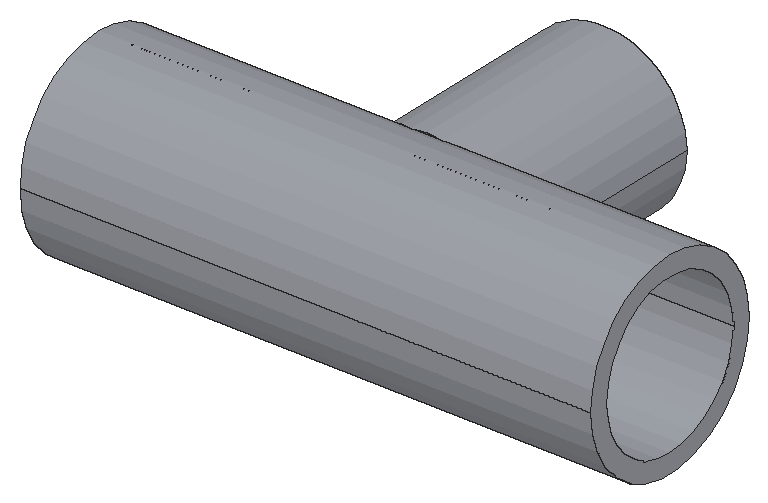
Revit family "BMP_PVC_ReducingTee", category Pipe Fittings, Revit 2024
Family settings
  Round Connector Dimension = Use Diameter
  Part Type = Tee
  Work Plane-Based = Yes
  Always vertical = No
  Cut with Voids When Loaded = No
  Shared = No
Parameters (values of type "27x21 mm")
  Default Elevation = 1219.2 mm
  BMP_Zero_mm = 0 mm  # constant formula
  BMP_Z_mm = 13 mm
  BMP_Z2_mm = 16 mm
  BMP_Void_Start_mm = -BMP_H_mm  # -48 mm
  BMP_Void_End_mm = BMP_H_mm  # 48 mm
  BMP_Void_Branch_Start_mm = 0 mm  # constant formula
  BMP_Void_Branch_End_mm = BMP_H2_mm  # 46 mm
  BMP_Parametric_Revision = "2.0"
  BMP_PN_bar = 15
  BMP_Manufacturer = "Binh Minh Plastics - independent catalogue-based BIM"
  BMP_Main_Start_mm = -BMP_H_mm  # -48 mm
  BMP_Main_End_mm = BMP_H_mm  # 48 mm
  BMP_L_mm = 96 mm
  BMP_H_mm = 48 mm
  BMP_H2_mm = 46 mm
  BMP_Geometry_Note = "Native parametric simplified fitting; editable type dimensions in millimeters."
  BMP_D_mm = 33 mm
  BMP_DN_mm = 27 mm
  BMP_DN2_mm = 21 mm
  BMP_D2_mm = 28 mm
  BMP_Catalogue_PDF_Page = "23"
  BMP_Branch_Ring_Start_mm = BMP_H2_mm - 3 mm  # 43 mm
  BMP_Branch_Ring_End_mm = BMP_H2_mm - 1 mm  # 45 mm
  BMP_Branch_End_mm = BMP_H2_mm  # 46 mm
  BMP_Bore_mm = 26.7 mm
  BMP_Bore2_mm = 21.3 mm
Types (14, lengths in mm): name | BMP_Z_mm | BMP_Z2_mm | BMP_Void_Start_mm | BMP_Void_End_mm | BMP_Void_Branch_End_mm | BMP_PN_bar | BMP_Main_Start_mm | BMP_Main_End_mm | BMP_L_mm | BMP_H_mm | BMP_H2_mm | BMP_D_mm | BMP_DN_mm | BMP_DN2_mm | BMP_D2_mm | BMP_Branch_Ring_Start_mm | BMP_Branch_Ring_End_mm | BMP_Branch_End_mm | BMP_Bore_mm | BMP_Bore2_mm
  27x21 mm | 13 | 16 | -48 | 48 | 46 | 15 | -48 | 48 | 96 | 48 | 46 | 33 | 27 | 21 | 28 | 43 | 45 | 46 | 26.7 | 21.3
  34x21 mm | 13 | 19 | -53 | 53 | 50 | 15 | -53 | 53 | 106 | 53 | 50 | 41 | 34 | 21 | 28 | 47 | 49 | 50 | 33.5 | 21.3
  34x27 mm | 16 | 19 | -54 | 54 | 54 | 15 | -54 | 54 | 108 | 54 | 54 | 41 | 34 | 27 | 33 | 51 | 53 | 54 | 33.5 | 26.7
  42x27 mm | 17 | 22 | -58 | 58 | 60 | 15 | -58 | 58 | 116 | 58 | 60 | 50 | 42 | 27 | 33 | 57 | 59 | 60 | 42.2 | 26.7
  42x34 mm | 20 | 24 | -61 | 61 | 64 | 15 | -61 | 61 | 122 | 61 | 64 | 50 | 42 | 34 | 41 | 61 | 63 | 64 | 42.2 | 33.5
  49x34 mm | 20 | 24 | -72 | 72 | 68 | 15 | -72 | 72 | 144 | 72 | 68 | 57 | 49 | 34 | 41 | 65 | 67 | 68 | 48.2 | 33.5
  49x42 mm | 24 | 24 | -76 | 76 | 72 | 12 | -76 | 76 | 152 | 76 | 72 | 57 | 49 | 42 | 50 | 69 | 71 | 72 | 48.2 | 42.2
  60x34 mm | 20 | 32 | -80 | 80 | 73 | 12 | -80 | 80 | 160 | 80 | 73 | 69 | 60 | 34 | 41 | 70 | 72 | 73 | 60.2 | 33.5
  60x42 mm | 24 | 33 | -84 | 84 | 78 | 12 | -84 | 84 | 168 | 84 | 78 | 69 | 60 | 42 | 50 | 75 | 77 | 78 | 60.2 | 42.2
  60x49 mm | 27 | 32 | -87 | 87 | 88 | 12 | -87 | 87 | 174 | 87 | 88 | 69 | 60 | 49 | 57 | 85 | 87 | 88 | 60.2 | 48.2
  90x60 mm | 47 | 52 | -89 | 89 | 89 | 6 | -89 | 89 | 178 | 89 | 89 | 97 | 90 | 60 | 67 | 86 | 88 | 89 | 88.8 | 60.2
  114x60 mm | 35 | 59 | -80 | 80 | 82 | 6 | -80 | 80 | 160 | 80 | 82 | 123 | 114 | 60 | 67 | 79 | 81 | 82 | 114.1 | 60.2
  114x90 mm | 55 | 60 | -119 | 119 | 121 | 6 | -119 | 119 | 238 | 119 | 121 | 123 | 114 | 90 | 97 | 118 | 120 | 121 | 114.1 | 88.8
  168x114 mm | 68 | 96 | -178 | 178 | 160 | 6 | -178 | 178 | 356 | 178 | 160 | 181 | 168 | 114 | 123 | 157 | 159 | 160 | 168.1 | 114.1
Reference planes
  plane 1 "Center (Front/Back)": y = 0
  plane 2: z = 0
  plane 3 "Center (Left/Right)": x = 0
Forms (mm)
  Extrusion 1, solid, material "BMP_PVC", not visible
    sketch origin (0, 1, 0) x (0, 0, 1) y (1, 0, 0)
      loop
        circle (0, 0) r 14
    from 43 <- "BMP_Branch_Ring_Start_mm" to 45 <- "BMP_Branch_Ring_End_mm"
  Extrusion 2, solid, material "BMP_PVC"
    sketch origin (0, 0, 0) x (0, 1, 0) y (0, 0, 1)
      loop
        circle (0, 0) r 16.5
    from -48 <- "BMP_Main_Start_mm" to 48 <- "BMP_Main_End_mm"
  Extrusion 3, solid, material "BMP_PVC"
    sketch origin (0, 0, 0) x (0, 0, 1) y (1, 0, 0)
      loop
        circle (0, 0) r 14
    from 0 <- "BMP_Zero_mm" to 46 <- "BMP_Branch_End_mm"
  Extrusion 4, void
    sketch origin (0, 0, 0) x (0, 1, 0) y (0, 0, 1)
      loop
        circle (0, 0) r 13.35
    from -48 <- "BMP_Void_Start_mm" to 48 <- "BMP_Void_End_mm"
  Extrusion 5, void
    sketch origin (0, 0, 0) x (0, 0, 1) y (1, 0, 0)
      loop
        circle (0, 0) r 10.65
    from 0 <- "BMP_Void_Branch_Start_mm" to 46 <- "BMP_Void_Branch_End_mm"
Cuts and joins
  Extrusion 4, Extrusion 5 cuts Extrusion 2
  Extrusion 4, Extrusion 5 cuts Extrusion 3
  joined: Extrusion 2, Extrusion 3
Lines and regions (mm)
  reference lines, not visible
    curve 1: line (-3000, 1, 0) -> (3000, 1, 0)
    curve 2: line (0, 1, 3000) -> (0, 1, -3000)
    curve 3: line (0, -3000, 0) -> (0, 3000, 0)
    curve 4: line (0, 0, -3000) -> (0, 0, 3000)
    curve 5: line (0, 0, -3000) -> (0, 0, 3000)
    curve 6: line (-3000, 0, 0) -> (3000, 0, 0)
    curve 7: line (0, -3000, 0) -> (0, 3000, 0)
    curve 8: line (0, 0, -3000) -> (0, 0, 3000)
    curve 9: line (0, 0, -3000) -> (0, 0, 3000)
    curve 10: line (-3000, 0, 0) -> (3000, 0, 0)
Dimensions and locks
  "BMP_D2_mm": diameter of Extrusion 1 sketch curve  (x2)
  "BMP_D_mm": diameter of Extrusion 2 sketch curve  (x2)
  "BMP_D2_mm": diameter of Extrusion 3 sketch curve  (x2)
  "BMP_Bore_mm": diameter of Extrusion 4 sketch curve  (x2)
  "BMP_Bore2_mm": diameter of Extrusion 5 sketch curve  (x2)
  aligned and locked: level to plane 2
  aligned and locked: curve 1 to Extrusion 1 sketch curve
  aligned and locked: curve 2 to Extrusion 1 sketch curve
  aligned and locked: curve 3 to Extrusion 2 sketch curve
  aligned and locked: curve 4 to Extrusion 2 sketch curve
  aligned and locked: curve 5 to Extrusion 3 sketch curve
  aligned and locked: curve 6 to Extrusion 3 sketch curve
  aligned and locked: curve 7 to Extrusion 4 sketch curve
  aligned and locked: curve 8 to Extrusion 4 sketch curve
  aligned and locked: curve 9 to Extrusion 5 sketch curve
  aligned and locked: curve 10 to Extrusion 5 sketch curve
Automatic sketch dimensions
  curve 1 to level = 0 mm
  curve 1 to plane 3 "Center (Left/Right)" = 3000 mm
  plane 3 "Center (Left/Right)" to curve 1 = 3000 mm
  curve 2 to plane 3 "Center (Left/Right)" = 0 mm
  curve 2 to level = 3000 mm
  level to curve 2 = 3000 mm
  curve 3 to level = 0 mm
  plane 1 "Center (Front/Back)" to curve 3 = 3000 mm
  curve 3 to plane 1 "Center (Front/Back)" = 3000 mm
  curve 4 to plane 1 "Center (Front/Back)" = 0 mm
  curve 4 to level = 3000 mm
  level to curve 4 = 3000 mm
  curve 5 to plane 3 "Center (Left/Right)" = 0 mm
  curve 5 to level = 3000 mm
  level to curve 5 = 3000 mm
  curve 6 to level = 0 mm
  curve 6 to plane 3 "Center (Left/Right)" = 3000 mm
  plane 3 "Center (Left/Right)" to curve 6 = 3000 mm
  curve 7 to level = 0 mm
  curve 7 to curve 3 = 0 mm  (x2)
  curve 8 to plane 1 "Center (Front/Back)" = 0 mm
  curve 8 to curve 4 = 0 mm  (x2)
  curve 9 to plane 3 "Center (Left/Right)" = 0 mm
  curve 9 to curve 5 = 0 mm  (x2)
  curve 10 to level = 0 mm
  curve 10 to curve 6 = 0 mm  (x2)
Connectors
  piping at (-48, 0, 0), diameter 27, driven by "BMP_DN_mm"
    settings: on cut or joined group of Extrusion 2, Extrusion 3, Extrusion 4, Extrusion 5, index 1, connector inside diameter 609.6 mm, connector length 0 mm, flow factor 0, pipe flow 0.0 L/s, pressure drop 0.0 Pa, fitting loss kfactor 0, connector angle 0.00°, fixture units 0, engagement length 0 mm, angle of deflection 0.00°, flow configuration 0, flow direction 0, fitting loss method 0, system type 28, joint type 0, gender type 0, connector reference index 2, connector utility 0, adjustable connector no, is connector primary yes, connector description ""
  piping at (48, 0, 0), diameter 27, driven by "BMP_DN_mm"
    settings: on cut or joined group of Extrusion 2, Extrusion 3, Extrusion 4, Extrusion 5, index 2, connector inside diameter 609.6 mm, connector length 0 mm, flow factor 0, pipe flow 0.0 L/s, pressure drop 0.0 Pa, fitting loss kfactor 0, connector angle 0.00°, fixture units 0, engagement length 0 mm, angle of deflection 0.00°, flow configuration 0, flow direction 0, fitting loss method 0, system type 28, joint type 0, gender type 0, connector reference index 1, connector utility 0, adjustable connector no, is connector primary no, connector description ""
  piping at (0, 46, 0), diameter 21, driven by "BMP_DN2_mm"
    settings: on Extrusion 1, index 3, connector inside diameter 609.6 mm, connector length 0 mm, flow factor 0, pipe flow 0.0 L/s, pressure drop 0.0 Pa, fitting loss kfactor 0, connector angle 0.00°, fixture units 0, engagement length 0 mm, angle of deflection 0.00°, flow configuration 0, flow direction 0, fitting loss method 0, system type 28, joint type 0, gender type 0, connector reference index -1, connector utility 0, adjustable connector no, is connector primary no, connector description ""
